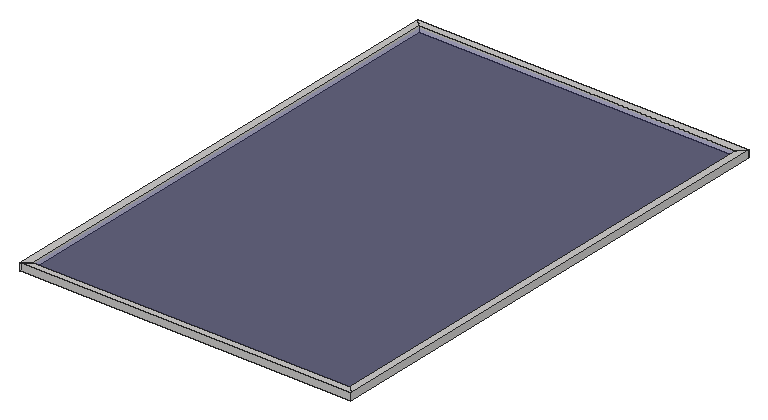
Revit family
Parameters (values of type "24Wx36H")
  offset [instance] = 0' - 0"
  Warranty Duration (Years) = 0
  Unit Width = 2' - 0"
  Unit Height = 3' - 0"
  Unit Depth = 0' - 0 1/2"
  URL = "http://www.bobrick.com/Pages/default.aspx"
  Specification = ""
  SpecWizard = ""
  Send Message = "http://www.arcat.com/users.pl?action=UserEmail&company=Bobrick+Washroom+Equipment,+Inc.&coid=30988&rep=156&fax=818-503-1930&mf="
  Sales Information = "http://www.bobrick.com/Pages/ContactUs.aspx"
  Revision = "R1_10-2012"
  Product Properties = ""
  Product Data = "http://arcat.com/arcatcos/cos30/arc30988.html?isac=1&r=1"
  Model = "B-165 2436"
  Mirror Background = Paint - Bobrick - Black
  Manufacturer Website = "http://www.bobrick.com/Pages/default.aspx"
  Manufacturer Phone - Toll Free = ""
  Manufacturer Phone = "818-764-1000"
  Manufacturer Fax = "818-503-1930"
  Manufacturer Address = "11611 Hart St. North Hollywood, CA 91605-5882"
  Manufacturer = "Bobrick Washroom Equipment, Inc."
  Maintenance Schedule (Months) = 0
  Keynote = "102813"
  Installation-Fabrication = "http://www.bobrick.com/washroomaccessories/Pages/WashroomAccessories.aspx"
  Installation Phase = ""
  Green Building-LEED = ""
  Glass Material = Glass Mirror - Bobrick
  Frame Material = Stainless Steel - Bobrick - Satin
  Expected Lifespan (Years) = 0
  Drawn By = "Sumex Design, Inc. / Robert S. Weygant, CSI, CDT, SCIP"
  Description = "Bobrick B-165 2436 Tempered Glass Channel Frame Mirror"
  Default Elevation = 4' - 0"
  Copyright = "©Arcat Inc."
  Construction Details = ""
  Assembly Code = "E1090900"
Types (2): name | Unit Width | Unit Height | Model | Description
  24Wx36H | 2' - 0" | 3' - 0" | "B-165 2436" | "Bobrick B-165 2436 Tempered Glass Channel Frame Mirror"
  18Wx30H | 1' - 6" | 2' - 6" | "B-165 1830" | "Bobrick B-165 1830 Tempered Glass Channel Frame Mirror"
Reference planes (in)
  plane 1 "Center (Front/Back)": y = 0
  plane 2 "Bottom": z = 0
  plane 3 "Center (Left/Right)": x = 0
  plane 4 "Front": y = -18
  plane 5 "Back": y = 18
  plane 6 "Left": x = -12
  plane 7 "Right": x = 12
  plane 8 "Top": z = 0.5
Forms (in)
  Extrusion 1, solid, material "Stainless Steel - Bobrick - Satin" <- "Frame Material"
    sketch origin (0, 0, 0) x (1, 0, 0) y (0, 1, 0)
      loop
        line (-12, -18) -> (12, -18) -> (11.5, -17.5) -> (-11.5, -17.5) -> (-12, -18)
      loop
        line (-12, 18) -> (-11.5, 17.5) -> (11.5, 17.5) -> (12, 18) -> (-12, 18)
    from 0 to 0.5
  Extrusion 2, solid, material "Stainless Steel - Bobrick - Satin" <- "Frame Material"
    sketch origin (0, 0, 0) x (1, 0, 0) y (0, 1, 0)
      loop
        line (-12, 18) -> (-12, -18) -> (-11.5, -17.5) -> (-11.5, 17.5) -> (-12, 18)
      loop
        line (12, 18) -> (11.5, 17.5) -> (11.5, -17.5) -> (12, -18) -> (12, 18)
    from 0 to 0.5
  Extrusion 3, solid, material "Paint - Bobrick - Black" <- "Mirror Background"
    sketch origin (0, 0, 0) x (1, 0, 0) y (0, 1, 0)
      loop
        line (-11.5, 17.5) -> (-11.5, -17.5) -> (11.5, -17.5) -> (11.5, 17.5) -> (-11.5, 17.5)
    from 0 to 0.125
  Extrusion 4, solid, material "Glass Mirror - Bobrick" <- "Glass Material"
    sketch origin (0, 0, 0) x (1, 0, 0) y (0, 1, 0)
      loop
        line (-11.8125, 17.8125) -> (-11.8125, -17.8125) -> (11.8125, -17.8125) -> (11.8125, 17.8125) -> (-11.8125, 17.8125)
    from 0.125 to 0.375
Dimensions and locks (in)
  equal spacing: plane 6 "Left", plane 3 "Center (Left/Right)", plane 7 "Right"
  "Unit Width": plane 6 "Left" to plane 7 "Right"
  equal spacing: plane 5 "Back", plane 1 "Center (Front/Back)", plane 4 "Front"
  "Unit Height": plane 5 "Back" to plane 4 "Front"
  "Unit Depth": plane 8 "Top" to level
  locked: Extrusion 3 to plane 2 "Bottom" at 0.125
  locked: Extrusion 4 sketch curve to plane 7 "Right" at 0.1875
  locked: plane 6 "Left" to Extrusion 4 sketch curve at 0.1875
  locked: Extrusion 4 sketch curve to plane 4 "Front" at 0.1875
  locked: plane 5 "Back" to Extrusion 4 sketch curve at 0.1875
  locked: Extrusion 4 to plane 2 "Bottom" at 0.375
  aligned and locked: Extrusion 1 sketch curve to plane 4 "Front"
  aligned and locked: Extrusion 1 sketch curve to plane 6 "Left"
  aligned and locked: Extrusion 1 sketch curve to plane 7 "Right"
  aligned and locked: plane 8 "Top" to Extrusion 1
  aligned and locked: Extrusion 2 sketch curve to plane 6 "Left"
  aligned and locked: plane 5 "Back" to Extrusion 2 sketch curve
  aligned and locked: plane 4 "Front" to Extrusion 2 sketch curve
  aligned and locked: plane 8 "Top" to Extrusion 2
  aligned and locked: Extrusion 2 to Extrusion 3 sketch curve
  aligned and locked: Extrusion 3 sketch curve to Extrusion 1  (x3)
  aligned and locked: Extrusion 4 to Extrusion 3
Automatic sketch dimensions
  Extrusion 1 sketch curve to plane 5 "Back" = 0' - 0"
  Extrusion 1 sketch curve to plane 6 "Left" = 0' - 0"
  Extrusion 1 sketch curve to plane 7 "Right" = 0' - 0"
  plane 6 "Left" to Extrusion 1 sketch curve = 0' - 0 1/2"  (x2)
  Extrusion 1 sketch curve to plane 7 "Right" = 0' - 0 1/2"  (x2)
  plane 4 "Front" to Extrusion 1 sketch curve = 0' - 0 1/2"  (x2)
  Extrusion 1 sketch curve to plane 5 "Back" = 0' - 0 1/2"  (x2)
  Extrusion 2 sketch curve to plane 5 "Back" = 0' - 0"
  Extrusion 2 sketch curve to plane 7 "Right" = 0' - 0"
  Extrusion 2 sketch curve to plane 4 "Front" = 0' - 0"
  plane 6 "Left" to Extrusion 2 sketch curve = 0' - 0 1/2"
  Extrusion 2 sketch curve to plane 7 "Right" = 0' - 0 1/2"
  plane 4 "Front" to Extrusion 2 sketch curve = 0' - 0 1/2"  (x2)
  Extrusion 2 sketch curve to plane 5 "Back" = 0' - 0 1/2"  (x2)
